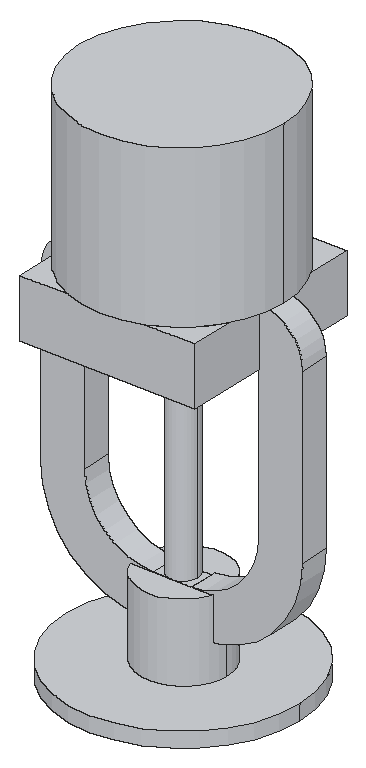
Revit family
Parameters (values of type "RASCO F156-300 PENDENT")
  Temperature Rating = 135 °F
  Response = (empty or 0)
  RASCO SIN # = "RA2514"
  RASCO Part # = "F56P0C3"
  Pressure Rating = "300 PSI"
  Pressure Class = 1
  Orifice Size = 1/2"
  Orifice = (empty or 0)
  Model = "F156-300"
  Manufacturer = "RASCO"
  K-Factor = 5.6
  Description = "Chrome Finish"
  Coverage = (empty or 0)
Reference planes (in)
  plane 1 "Center (Front/Back)": y = 0
  plane 2: z = 0
  plane 3 "Center (Left/Right)": x = 0
Dimensions and locks (in)
  aligned and locked: plane 2 to level
Nested families (in)
  nested 1: "F56P0C3" at (-0.0113, 0, 2.4375) x (-1, 0, 0) z (0, 0, -1), type "RASCO F156-300 PENDENT"
Connectors (in)
  piping at (-0.0113, 0, 2.4375)
    settings: on nested 1, index 1, connector radius 55/128", flow factor 0, pipe flow 0 GPM, pressure drop 0.00 psi, fitting loss kfactor 0, connector angle 0.00°, fixture units 0, flow configuration 0, flow direction 0, fitting loss method 0, system type 7, connector reference index -1, connector utility 0, adjustable connector no, is connector primary yes, fitting loss table "", connector description ""
Definition of nested family "F56P0C3"
  Parameters (values of type "RASCO F156-300 PENDENT")
    Type Comments = ""
    Temperature Rating = 0 °F
    Response = (empty or 0)
    Pressure Rating = "0"
    Pressure Class = (empty or 0)
    Orifice Size = 0"
    Orifice = (empty or 0)
    Model = ""
    Manufacturer = ""
    K-Factor = 0
    Description = ""
    Coverage = (empty or 0)
    Assembly Code = ""
  Reference planes (in)
    plane 1 "Center (Front/Back)": y = 0
    plane 2: z = 0
    plane 3 "ref.2": z = 0.6875
    plane 4 "ref.3": z = 0.9375
    plane 5: x = -0.38065
    plane 6: x = 0.36935
    plane 7 "ref. side 1": y = 0.06402
    plane 8 "ref. side 2": y = -0.06098
    plane 9 "ref.4": z = 1.875
    plane 10 "ref.5": z = 2.3125
    plane 11 "ref.6": z = 2.4375
  Forms (in)
    Extrusion 1, solid
      sketch origin (0, 0, 0) x (1, 0, 0) y (0, 1, 0)
        loop
          circle (0, 0) r 0.4379
      from 0 to 0.6875
    Extrusion 2, solid
      sketch origin (-0.12185, 0.05177, 0.6875) x (1, 0, 0) y (0, 1, 0)
        loop
          line (-0.2588, 0.356) -> (-0.2588, -0.4565) -> (0.4912, -0.4565) -> (0.4912, 0.356) -> (-0.2588, 0.356)
      from 0 to 0.25
    Extrusion 3, solid
      sketch origin (0, 0, 0) x (1, 0, 0) y (0, 0, 1)
        loop
          line (-0.38065, 0.68754) -> (-0.38065, 1.58397)
          arc (-0.38065, 1.58397) -> (-0.29541, 1.78976) -> (-0.08962, 1.875) r 0.29103
          line (-0.08962, 1.875) -> (0.07524, 1.875)
          arc (0.07524, 1.875) -> (0.28321, 1.78886) -> (0.36935, 1.58089) r 0.29411
          line (0.36935, 1.58089) -> (0.36935, 0.68751)
          arc (0.36935, 0.68751) -> (0.50207, 0.74393) -> (0.55685, 0.87734) r 0.18984
          line (0.55685, 0.87734) -> (0.55685, 1.61676)
          arc (0.55685, 1.61676) -> (0.42629, 1.93194) -> (0.11111, 2.0625) r 0.44574
          line (0.11111, 2.0625) -> (-0.12259, 2.0625)
          arc (-0.12259, 2.0625) -> (-0.43765, 1.932) -> (-0.56815, 1.61694) r 0.44556
          line (-0.56815, 1.61694) -> (-0.56815, 0.87876)
          arc (-0.56815, 0.87876) -> (-0.51345, 0.74486) -> (-0.38065, 0.68754) r 0.19126
      from -0.06402 to 0.06098
    Extrusion 4, solid
      sketch origin (0, 0, 0.9375) x (-1, 0, 0) y (0, -1, 0)
        loop
          circle (0.00574, -0.00152) r 0.0625
      from 0 to 0.9375
    Extrusion 5, solid
      sketch origin (0, 0, 1.875) x (-1, 0, 0) y (0, -1, 0)
        loop
          circle (0.00574, -0.00152) r 0.1875
      from 0 to 0.4375
    Extrusion 6, solid
      sketch origin (0, 0, 2.3125) x (0, -1, 0) y (1, 0, 0)
        loop
          circle (-0.00152, -0.00574) r 0.5
      from -0.10531 to -0.03987
  Cuts and joins
    joined: Extrusion 1, Extrusion 2, Extrusion 4
  Lines and regions (in)
    model lines
      curve 1: line (-0.00574, 0.06402, 1.875) -> (-0.00574, -0.06098, 1.875)
